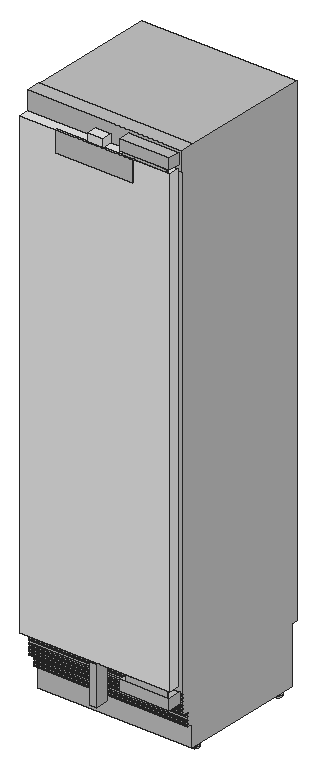
Revit family "FP_Revit_18_RS2484FRJK1_Freezer_90001058A", category Specialty Equipment, Revit 2018
Family settings
  Round Connector Dimension = Use Diameter
  Part Type = Normal
  OmniClass Number = 23.40.40.11.11
  OmniClass Title = Refrigerators and Freezers
  Work Plane-Based = No
  Always vertical = Yes
  Cut with Voids When Loaded = Yes
  Shared = No
  Room Calculation Point = No
Parameters (values of type "RS2484FRJ1")
  Visibility - Water Connection = yes
  Visibility - Visibility Control Note = yes
  Visibility - Clearance Required = yes
  URL = "www.fisherpaykel.com"
  Stainless Steel Door Panels (RD2484R4D) = no
  Product - Width = 603 mm  # constant formula
  Product - Height = 2134 mm  # constant formula
  Product - Depth (exl front panel) = 610 mm  # constant formula
  Model = "RS2484FRJ1"
  Material - Handle = Fisher & Paykel - Aluminium
  Material - Door Structure = Fisher & Paykel - White
  Material - Door Front = Fisher & Paykel - Stainless Steel
  Material - Body = Fisher & Paykel - Grey
  Manufacturer = "Fisher & Paykel Appliances"
  Handle Style - Professional Square (AHV2-RD84) = no
  Handle Style - Professional Round (AHC-RD84) = no
  Handle Style - Contemporary Square (AHD3-RD84) = no
  Handle Style - Contemporary Round (AHS-RD84) = no
  Description = "24\" Integrated Column Freezer with internal ice maker, white interior"
  Connector Description - Water = "1/4\" (6mm) comp. stainless steel braided hose"
  Connector Description - Electrical = "120 V, 10 amp fused electrical supply"
  Cavity - Width = 610 mm  # constant formula
  Cavity - Height = 2134 mm  # constant formula
  Cavity - Depth = 635 mm  # constant formula
Types (3, lengths in mm): name | Model | Description
  (no name) | "RS2484FRJ1" | "24\" Integrated Column Freezer with internal ice maker, white interior"
  RS2484FRJK1 | "RS2484FRJK1" | "24\" Integrated Column Freezer with internal ice maker, stainless steel interior"
  RS2484FRJ1 | "RS2484FRJ1" | "24\" Integrated Column Freezer with internal ice maker, white interior"
Reference planes
  plane 1 "Center (Front/Back)": y = 0
  plane 2: z = 0
  plane 3 "Center (Left/Right)": x = 0
  plane 4 "Product LHS": x = -301.5
  plane 5 "Product RHS": x = 301.5
  plane 6 "Product - Depth": y = 610
  plane 7 "Cavity LHS": x = -305
  plane 8 "Cavity RHS": x = 305
  plane 9 "Cavity - Depth": y = 612.9
  plane 10 "Handle Offset": x = -238.5
  plane 11 "Product Height": z = 2134
  plane 12 "Cavity Height": z = 2134
  plane 13 "Door Panel Datum": y = -4.1
Forms (mm)
  Extrusion 1, solid, material "Fisher & Paykel - Grey" <- "Material - Body", detail levels fine
    sketch origin (0, 0, 0) x (0, 1, 0) y (0, 0, 1)
      loop
        line (100.1, 19.1) -> (587.9, 19.1) -> (587.9, 239.7) -> (610, 239.7) -> (610, 2131.9) -> (105.1, 2131.9) -> (105.1, 2134) -> (49.9, 2134) -> (49.9, 2059) -> (56, 2059) -> (56, 228.6) -> (59.5, 228.6) -> (59.5, 219.7) -> (56.5, 219.7) -> (56.5, 215.9) -> (59.5, 215.9) -> (59.5, 207) -> (56.5, 207) -> (56.5, 203.2) -> (59.5, 203.2) -> (59.5, 194.3) -> (56.5, 194.3) -> (56.5, 190.5) -> (59.5, 190.5) -> (59.5, 181.6) -> (56.5, 181.6) -> (56.5, 177.8) -> (59.5, 177.8) -> (59.5, 168.9) -> (56.5, 168.9) -> (56.5, 165.1) -> (59.5, 165.1) -> (59.5, 156.2) -> (56.5, 156.2) -> (56.5, 152.4) -> (84.1, 152.4) -> (84.1, 143.5) -> (81.1, 143.5) -> (81.1, 139.7) -> (84.1, 139.7) -> (84.1, 130.8) -> (81.1, 130.8) -> (81.1, 127) -> (84.1, 127) -> (84.1, 118.1) -> (81.1, 118.1) -> (81.1, 114.3) -> (84.1, 114.3) -> (84.1, 105.4) -> (81.1, 105.4) -> (81.1, 101.6) -> (100.1, 101.6) -> (100.1, 19.1)
    from -301.5 to 301.5
  Extrusion 2, solid, material "Fisher & Paykel - Grey" <- "Material - Body"
    sketch origin (0, 0, 0) x (1, 0, 0) y (0, 1, 0)
      loop
        circle (-281, 547.8) r 4.1
      loop
        circle (-281, 141.8) r 4.1
      loop
        circle (281, 547.8) r 4.1
      loop
        circle (281, 141.8) r 4.1
    from 3 to 19.1
  Extrusion 3, solid, material "Fisher & Paykel - Grey" <- "Material - Body"
    sketch origin (0, 0, 0) x (1, 0, 0) y (0, 1, 0)
      loop
        circle (-281, 547.8) r 14.5
      loop
        circle (-281, 141.8) r 14.555
      loop
        circle (281, 547.8) r 14.5
      loop
        circle (281, 141.8) r 14.555
    from 0 to 3
  Extrusion 4, solid, material "Fisher & Paykel - Grey" <- "Material - Body", detail levels fine
    sketch origin (0, 0, 0) x (1, 0, 0) y (0, 1, 0)
      loop
        line (-7.5, 49) -> (-13.797, -4.1) -> (13.797, -4.1) -> (7.5, 49) -> (-7.5, 49)
    from 104.2 to 254.2
  Extrusion 5, solid, material "Fisher & Paykel - Grey" <- "Material - Body", detail levels fine
    sketch origin (0, 0, 0) x (1, 0, 0) y (0, 0, 1)
      loop
        line (289.9, 2123.15) -> (95.42, 2123.15) -> (95.42, 2081.05) -> (289.9, 2081.05) -> (289.9, 2123.15)
    from -49 to -2.5
  Extrusion 6, solid, material "Fisher & Paykel - Grey" <- "Material - Body", detail levels fine
    sketch origin (0, 0, 0) x (0, 1, 0) y (0, 0, 1)
      loop
        line (0, 2070.6) -> (0, 1988.6) -> (2, 1988.6) -> (2, 2068.6) -> (4, 2068.6) -> (4, 2070.6) -> (0, 2070.6)
    from -150 to 150
  Extrusion 7, solid, material "Fisher & Paykel - Grey" <- "Material - Body"
    sketch origin (0, 0, 0) x (1, 0, 0) y (0, 0, 1)
      loop
        circle (226.5, 119.813) r 5
      loop
        circle (-226.5, 119.813) r 5
    from -590 to -587.9
  Extrusion 8, solid, material "Fisher & Paykel - White" <- "Material - Door Structure"
    sketch origin (0, 0, 0) x (1, 0, 0) y (0, 1, 0)
      loop
        line (-276.5, 56) -> (-276.5, 42) -> (276.5, 42) -> (276.5, 56) -> (-276.5, 56)
    from 269.6 to 2030.7
  Extrusion 9, solid, material "Fisher & Paykel - White" <- "Material - Door Structure"
    sketch origin (0, 0, 0) x (1, 0, 0) y (0, 1, 0)
      loop
        line (-292.9, 42) -> (-292.9, 3) -> (292.9, 3) -> (292.9, 42) -> (-292.9, 42)
    from 254.2 to 2068.6
  Extrusion 10, solid, material "Fisher & Paykel - White" <- "Material - Door Structure", detail levels fine
    sketch origin (0, 0, 0) x (1, 0, 0) y (0, 0, 1)
      loop
        line (-29.5, 2100.1) -> (-29.5, 2068.6) -> (29.5, 2068.6) -> (29.5, 2100.1) -> (-29.5, 2100.1)
    from -42 to -3
  Extrusion 11, solid, material "Fisher & Paykel - Stainless Steel" <- "Material - Door Front", visible <- "Stainless Steel Door Panels (RD2484R4D)"
    sketch origin (0, 0, 0) x (0, 1, 0) y (0, 0, 1)
      loop
        line (-22.1, 2130.8) -> (-22.1, 102) -> (-4.1, 102) -> (-4.1, 2130.8) -> (-22.1, 2130.8)
    from -301.5 to 301.5
  Extrusion 12, solid, material "Fisher & Paykel - Grey" <- "Material - Body", detail levels coarse+medium
    sketch origin (0, 0, 0) x (0, 1, 0) y (0, 0, 1)
      loop
        line (49.9, 2134) -> (49.9, 2059) -> (56, 2059) -> (56, 152.4) -> (81.1, 152.4) -> (81.1, 101.6) -> (100.1, 101.6) -> (100.1, 19.1) -> (587.9, 19.1) -> (587.9, 239.7) -> (610, 239.7) -> (610, 2134) -> (49.9, 2134)
    from -301.5 to 301.5
  Extrusion 13, solid, material "Fisher & Paykel - Clearance Required", visible <- "Visibility - Clearance Required", detail levels coarse
    sketch origin (0, 0, 0) x (1, 0, 0) y (0, 1, 0)
      loop
        arc (-301.5, -22.1) -> (-13.376, -547.171) -> (584.28, -586.183) r 622.5
        line (584.28, -586.183) -> (565.051, -544.946) -> (589.549, -533.523)
        arc (589.549, -533.523) -> (598.013, -510.267) -> (574.757, -501.802) r 17.5
        line (574.757, -501.802) -> (550.259, -513.225) -> (329.441, -39.678)
        arc (329.441, -39.678) -> (310.616, -38.605) -> (301.5, -22.1) r 19.5
        line (301.5, -22.1) -> (-301.5, -22.1)
    from 0 to 2134
  Extrusion 14, solid, material "Fisher & Paykel - Grey" <- "Material - Body", detail levels fine
    sketch origin (0, 0, 0) x (1, 0, 0) y (0, 0, 1)
      loop
        line (289.9, 187.65) -> (289.9, 229.75) -> (95.42, 229.75) -> (95.42, 187.65) -> (289.9, 187.65)
    from -56 to -2.5
  Extrusion 15, solid, material "Fisher & Paykel - Grey" <- "Material - Body", detail levels fine
    sketch origin (0, 0, -4) x (0, 1, 0) y (0, 0, 1)
      loop
        arc (163.888, 23.1) -> (180.4, 13.63) -> (196.912, 23.1) r 19.13
        line (196.912, 23.1) -> (163.888, 23.1)
      loop
        arc (493.888, 23.1) -> (510.4, 13.63) -> (526.912, 23.1) r 19.13
        line (526.912, 23.1) -> (493.888, 23.1)
    from 191 to 219
  Extrusion 16, solid, material "Fisher & Paykel - Grey" <- "Material - Body", detail levels fine
    sketch origin (0, 0, -4) x (0, 1, 0) y (0, 0, -1)
      loop
        line (163.888, -23.1) -> (196.912, -23.1)
        arc (196.912, -23.1) -> (180.4, -13.63) -> (163.888, -23.1) r 19.13
      loop
        line (493.888, -23.1) -> (526.912, -23.1)
        arc (526.912, -23.1) -> (510.4, -13.63) -> (493.888, -23.1) r 19.13
    from 191 to 219
  Extrusion 17, solid, material "Fisher & Paykel - Clearance Required", visible <- "Visibility - Clearance Required", detail levels coarse
    sketch origin (0, 0, 0) x (1, 0, 0) y (0, 1, 0)
      loop
        line (-305, 612.9) -> (-305, -4.1) -> (305, -4.1) -> (305, 612.9) -> (-305, 612.9)
    from 0 to 2134
  Extrusion 18, void
    sketch origin (0, 0, 0) x (1, 0, 0) y (0, 1, 0)
      loop
        line (-305, 612.9) -> (-305, -22.1) -> (305, -22.1) -> (305, 612.9) -> (-305, 612.9)
    from 0 to 2134
  Extrusion 19, solid, material "Fisher & Paykel - Grey" <- "Material - Body", detail levels fine
    sketch origin (0, 0, 0) x (1, 0, 0) y (0, 0, 1)
      loop
        line (118.4, 254.2) -> (118.4, 229.75) -> (282.9, 229.75) -> (282.9, 254.2) -> (118.4, 254.2)
      loop
        line (106, 2081.05) -> (106, 2068.6) -> (282.9, 2068.6) -> (282.9, 2076.05) -> (242.9, 2081.05) -> (106, 2081.05)
    from -7 to -4
Lines and regions (mm)
  model lines, style "Fisher & Paykel"
    curve 1: line (-301.5, -4.1, 2130.8) -> (301.5, -4.1, 2130.8)
    curve 2: line (-301.5, -4.1, 102) -> (-301.5, -4.1, 2130.8)
    curve 3: line (301.5, -4.1, 102) -> (-301.5, -4.1, 102)
    curve 4: line (301.5, -4.1, 2130.8) -> (301.5, -4.1, 102)
Text (mm)
  text "Due to ongoing product development, product details are subject to change without notice. \nPlease always refer to www.fisherpaykel.com for the most current product information. \n© Fisher & Paykel 2020" at (41.04, -678.295, 0), in view "Ref. Level (Plan)"
Dimensions and locks
  equal spacing: plane 4 "Product LHS", plane 3 "Center (Left/Right)", plane 5 "Product RHS"
  "Product - Width": plane 4 "Product LHS" to plane 5 "Product RHS"
  "Product - Depth (exl front panel)": plane 1 "Center (Front/Back)" to plane 6 "Product - Depth"
  equal spacing: plane 7 "Cavity LHS", plane 3 "Center (Left/Right)", plane 8 "Cavity RHS"
  "Cavity - Width": plane 7 "Cavity LHS" to plane 8 "Cavity RHS"
  plane 4 "Product LHS" to Extrusion 2 sketch curve = 24.6 mm
  plane 4 "Product LHS" to plane 10 "Handle Offset" = 63 mm
  Extrusion 7 sketch curve to Extrusion 1 = 119.887 mm  (x2)
  Extrusion 7 sketch curve to plane 5 "Product RHS" = 75 mm
  plane 4 "Product LHS" to Extrusion 7 sketch curve = 75 mm
  Extrusion 1 sketch curve to Extrusion 1 sketch curve = 82.5 mm
  Extrusion 1 sketch curve to Extrusion 1 sketch curve = 209.5 mm
  Extrusion 3 to level = 3 mm
  Extrusion 12 to Extrusion 9 = 235.1 mm
  Extrusion 12 to Extrusion 8 = 250.5 mm
  Extrusion 12 to Extrusion 12 = 2114.9 mm
  Extrusion 12 to Extrusion 11 = 82.9 mm
  "Product - Height": level to plane 11 "Product Height"
  plane 11 "Product Height" to Extrusion 11 = 3.2 mm
  Extrusion 9 to plane 11 "Product Height" = 65.4 mm
  Extrusion 8 to plane 11 "Product Height" = 103.3 mm
  Extrusion 12 sketch curve to plane 11 "Product Height" = 75 mm
  Extrusion 1 sketch curve to plane 11 "Product Height" = 2.1 mm
  Extrusion 1 sketch curve to plane 11 "Product Height" = 75 mm
  "Cavity - Height": plane 12 "Cavity Height" to level
  plane 1 "Center (Front/Back)" to Extrusion 17 = 612.9 mm
  plane 1 "Center (Front/Back)" to Extrusion 18 = 612.9 mm
  Extrusion 19 sketch curve to Extrusion 19 sketch curve = 40 mm
  Extrusion 19 sketch curve to plane 3 "Center (Left/Right)" = 106 mm
  Extrusion 19 sketch curve to Extrusion 19 sketch curve = 176.9 mm
  Extrusion 19 sketch curve to plane 3 "Center (Left/Right)" = 118.4 mm
  plane 3 "Center (Left/Right)" to Extrusion 19 sketch curve = 282.9 mm
  Extrusion 18 to plane 1 "Center (Front/Back)" = 22.1 mm
  "Cavity - Depth": plane 9 "Cavity - Depth" to Extrusion 18
  radius of Extrusion 7 sketch curve = 5 mm
  aligned and locked: level to plane 2
  aligned and locked: Extrusion 11 to plane 5 "Product RHS"
  aligned and locked: plane 4 "Product LHS" to Extrusion 11
  aligned and locked: Extrusion 12 to plane 5 "Product RHS"
  aligned and locked: Extrusion 12 to plane 4 "Product LHS"
  aligned and locked: Extrusion 12 sketch curve to plane 11 "Product Height"
  aligned and locked: plane 11 "Product Height" to Extrusion 1 sketch curve
  aligned and locked: Extrusion 15 sketch curve to Extrusion 15 sketch curve
  aligned and locked: Extrusion 16 sketch curve to Extrusion 16 sketch curve
  aligned and locked: Extrusion 17 to Extrusion 13
  aligned and locked: Extrusion 18 to Extrusion 13
  aligned and locked: Extrusion 1 to plane 5 "Product RHS"
  aligned and locked: plane 4 "Product LHS" to Extrusion 1
  aligned and locked: Extrusion 2 to Extrusion 1
  aligned and locked: nested 5 to plane 10 "Handle Offset"
  aligned and locked: nested 4 to plane 10 "Handle Offset"
  aligned and locked: nested 3 to plane 10 "Handle Offset"
  aligned and locked: nested 2 to plane 10 "Handle Offset"
Automatic sketch dimensions
  Extrusion 2 sketch curve to plane 4 "Product LHS" = 20.5 mm  (x2)
  plane 5 "Product RHS" to Extrusion 2 sketch curve = 20.5 mm  (x2)
  Extrusion 2 sketch curve to plane 1 "Center (Front/Back)" = 141.8 mm  (x2)
  Extrusion 2 sketch curve to plane 6 "Product - Depth" = 62.2 mm  (x2)
  Extrusion 3 sketch curve to plane 4 "Product LHS" = 20.5 mm  (x2)
  plane 5 "Product RHS" to Extrusion 3 sketch curve = 20.5 mm  (x2)
  Extrusion 3 sketch curve to plane 1 "Center (Front/Back)" = 141.8 mm  (x2)
  Extrusion 3 sketch curve to plane 6 "Product - Depth" = 62.2 mm  (x2)
  plane 1 "Center (Front/Back)" to Extrusion 4 sketch curve = 4.1 mm
  Extrusion 4 sketch curve to plane 3 "Center (Left/Right)" = 13.797 mm
  Extrusion 4 sketch curve to plane 3 "Center (Left/Right)" = 7.5 mm
  plane 3 "Center (Left/Right)" to Extrusion 4 sketch curve = 7.5 mm
  plane 3 "Center (Left/Right)" to Extrusion 4 sketch curve = 13.797 mm
  Extrusion 4 sketch curve to plane 1 "Center (Front/Back)" = 49 mm
  plane 11 "Product Height" to Extrusion 5 sketch curve = 10.85 mm
  plane 3 "Center (Left/Right)" to Extrusion 5 sketch curve = 95.42 mm
  plane 5 "Product RHS" to Extrusion 5 sketch curve = 11.6 mm
  Extrusion 5 sketch curve to Extrusion 5 sketch curve = 42.1 mm
  Extrusion 6 sketch curve to plane 1 "Center (Front/Back)" = 0 mm
  Extrusion 6 sketch curve to plane 1 "Center (Front/Back)" = 2 mm
  Extrusion 6 sketch curve to Extrusion 6 sketch curve = 2 mm  (x2)
  plane 11 "Product Height" to Extrusion 6 sketch curve = 145.4 mm
  plane 11 "Product Height" to Extrusion 6 sketch curve = 65.4 mm
  Extrusion 8 sketch curve to plane 4 "Product LHS" = 25 mm
  plane 5 "Product RHS" to Extrusion 8 sketch curve = 25 mm
  Extrusion 8 sketch curve to plane 1 "Center (Front/Back)" = 42 mm
  Extrusion 8 sketch curve to Extrusion 8 sketch curve = 14 mm
  Extrusion 9 sketch curve to plane 1 "Center (Front/Back)" = 3 mm
  Extrusion 9 sketch curve to plane 4 "Product LHS" = 8.6 mm
  plane 5 "Product RHS" to Extrusion 9 sketch curve = 8.6 mm
  Extrusion 9 sketch curve to Extrusion 9 sketch curve = 39 mm
  Extrusion 10 sketch curve to plane 3 "Center (Left/Right)" = 29.5 mm
  plane 3 "Center (Left/Right)" to Extrusion 10 sketch curve = 29.5 mm
  plane 11 "Product Height" to Extrusion 10 sketch curve = 65.4 mm
  Extrusion 10 sketch curve to Extrusion 10 sketch curve = 31.5 mm
  plane 1 "Center (Front/Back)" to Extrusion 11 sketch curve = 22.1 mm
  plane 1 "Center (Front/Back)" to Extrusion 11 sketch curve = 4.1 mm
  level to Extrusion 11 sketch curve = 102 mm
  plane 11 "Product Height" to Extrusion 11 sketch curve = 3.2 mm
  Extrusion 13 sketch curve to Extrusion 13 sketch curve = 0 mm  (x2)
  Extrusion 13 sketch curve to plane 4 "Product LHS" = 0 mm
  Extrusion 13 sketch curve to plane 5 "Product RHS" = 0 mm
  Extrusion 13 sketch curve to plane 8 "Cavity RHS" = 16 mm
  Extrusion 13 sketch curve to Extrusion 13 sketch curve = 8.441 mm
  Extrusion 13 sketch curve to plane 8 "Cavity RHS" = 245.259 mm
  Extrusion 13 sketch curve to Extrusion 13 sketch curve = 14.792 mm
  Extrusion 13 sketch curve to Extrusion 13 sketch curve = 24.498 mm
  Extrusion 13 sketch curve to Extrusion 13 sketch curve = 7.396 mm  (x2)
  Extrusion 13 sketch curve to Extrusion 13 sketch curve = 19.229 mm
  plane 1 "Center (Front/Back)" to Extrusion 13 sketch curve = 586.183 mm
  Extrusion 13 sketch curve to Extrusion 13 sketch curve = 41.237 mm
  Extrusion 13 sketch curve to Extrusion 13 sketch curve = 15.86 mm
  plane 3 "Center (Left/Right)" to Extrusion 14 sketch curve = 95.42 mm
  plane 5 "Product RHS" to Extrusion 14 sketch curve = 11.6 mm
  level to Extrusion 14 sketch curve = 187.65 mm
  Extrusion 14 sketch curve to Extrusion 14 sketch curve = 42.1 mm
  Extrusion 15 sketch curve to plane 1 "Center (Front/Back)" = 163.888 mm
  Extrusion 15 sketch curve to Extrusion 15 sketch curve = 16.512 mm  (x2)
  Extrusion 15 sketch curve to plane 6 "Product - Depth" = 116.112 mm
  Extrusion 15 sketch curve to Extrusion 15 sketch curve = 9.66 mm  (x2)
  Extrusion 16 sketch curve to plane 1 "Center (Front/Back)" = 163.888 mm
  Extrusion 16 sketch curve to Extrusion 16 sketch curve = 16.512 mm  (x2)
  Extrusion 16 sketch curve to plane 6 "Product - Depth" = 116.112 mm
  Extrusion 16 sketch curve to Extrusion 16 sketch curve = 9.66 mm  (x2)
  Extrusion 17 sketch curve to plane 7 "Cavity LHS" = 0 mm
  Extrusion 17 sketch curve to plane 8 "Cavity RHS" = 0 mm
  Extrusion 17 sketch curve to plane 9 "Cavity - Depth" = 0 mm
  plane 1 "Center (Front/Back)" to Extrusion 17 sketch curve = 4.1 mm
  Extrusion 18 sketch curve to plane 7 "Cavity LHS" = 0 mm
  Extrusion 18 sketch curve to plane 8 "Cavity RHS" = 0 mm
  plane 9 "Cavity - Depth" to Extrusion 18 sketch curve = 0 mm
  plane 1 "Center (Front/Back)" to Extrusion 18 sketch curve = 22.1 mm
  level to Extrusion 19 sketch curve = 229.75 mm
  Extrusion 19 sketch curve to Extrusion 19 sketch curve = 24.45 mm
  plane 11 "Product Height" to Extrusion 19 sketch curve = 65.4 mm
  Extrusion 19 sketch curve to Extrusion 19 sketch curve = 7.45 mm
  Extrusion 19 sketch curve to Extrusion 19 sketch curve = 5 mm
  Extrusion 12 sketch curve to plane 6 "Product - Depth" = 0 mm
  Extrusion 12 sketch curve to plane 6 "Product - Depth" = 22.1 mm
  Extrusion 12 sketch curve to plane 1 "Center (Front/Back)" = 100.1 mm
  Extrusion 12 sketch curve to Extrusion 12 sketch curve = 19 mm
  Extrusion 12 sketch curve to plane 1 "Center (Front/Back)" = 56 mm
  Extrusion 12 sketch curve to plane 1 "Center (Front/Back)" = 49.9 mm
  level to Extrusion 12 sketch curve = 152.4 mm
  Extrusion 12 sketch curve to Extrusion 12 sketch curve = 50.8 mm
  level to Extrusion 12 sketch curve = 19.1 mm
  Extrusion 12 sketch curve to Extrusion 12 sketch curve = 220.6 mm
  level to Extrusion 15 sketch curve = 19.1 mm
  level to Extrusion 16 sketch curve = 28.76 mm
  Extrusion 1 sketch curve to plane 6 "Product - Depth" = 0 mm
  Extrusion 1 sketch curve to Extrusion 1 sketch curve = 22.1 mm
  Extrusion 1 sketch curve to plane 1 "Center (Front/Back)" = 105.1 mm
  level to Extrusion 1 sketch curve = 19.1 mm
  Extrusion 1 sketch curve to plane 1 "Center (Front/Back)" = 100.1 mm
  Extrusion 1 sketch curve to Extrusion 1 sketch curve = 16 mm
  Extrusion 1 sketch curve to Extrusion 1 sketch curve = 0 mm  (x8)
  Extrusion 1 sketch curve to Extrusion 1 sketch curve = 3 mm  (x10)
  Extrusion 1 sketch curve to plane 1 "Center (Front/Back)" = 59.5 mm
  Extrusion 1 sketch curve to plane 1 "Center (Front/Back)" = 56 mm
  Extrusion 1 sketch curve to plane 1 "Center (Front/Back)" = 49.9 mm
  Extrusion 1 sketch curve to Extrusion 1 sketch curve = 3.8 mm  (x10)
  Extrusion 1 sketch curve to Extrusion 1 sketch curve = 8.9 mm  (x9)
  Extrusion 1 sketch curve to Extrusion 1 sketch curve = 220.6 mm
  plane 5 "Product RHS" to curve 1 = 0 mm
  plane 4 "Product LHS" to curve 3 = 0 mm
  level to curve 3 = 102 mm
  plane 11 "Product Height" to curve 2 = 3.2 mm
  radius of Extrusion 2 sketch curve = 4.1 mm  (x3)
  radius of Extrusion 3 sketch curve = 14.5 mm  (x2)
  radius of Extrusion 3 sketch curve = 14.555 mm  (x2)
  radius of Extrusion 7 sketch curve = 5 mm
Nested families
  nested 1: "Visibility Control Note 18" at (0, 0, 0), visible <- "Visibility - Visibility Control Note", type "Visibility Control Note 18"
  nested 2: "Handle Contemporary Round - Vertical" at (-238.5, -22.1, 1242.58), visible <- "Handle Style - Contemporary Round (AHS-RD84)", type "AHS-RD84 - Contemporary round handle (Vertical) 852mm"
  nested 3: "Handle Contemporary Square - Vertical" at (-238.5, -22.1, 1242.58), visible <- "Handle Style - Contemporary Square (AHD3-RD84)", type "AHD3-RD84 - Contemporary square handle (Vertical) 852mm"
  nested 4: "Handle Professional Round - Vertical" at (-238.5, -22.1, 1242.58), visible <- "Handle Style - Professional Round (AHC-RD84)", type "AHC-RD84 - Professional round handle (Vertical) 786mm"
  nested 5: "Handle Professional Square - Vertical" at (-238.5, -22.1, 1242.58), visible <- "Handle Style - Professional Square (AHV2-RD84)", type "AHV2-RD84 - Professional square handle (Vertical) 792mm"
Connectors
  electrical at (-226.5, 590, 119.813), driven by "Connector Description - Electrical"
    settings: on Extrusion 7, index 1, voltage 120 V, apparent load 0 VA, apparent load phase1 0 VA, apparent load phase2 0 VA, apparent load phase3 0 VA, power factor 1, load classification "Other", number of poles 1, system type 30, power factor state 1, is connector primary yes, connector utility no, sub classification motor no, connector description "120 V, 10 amp fused electrical supply"
  piping at (226.5, 590, 119.813), diameter 12.7, driven by "Visibility - Water Connection", driven by "Connector Description - Water"
    settings: on Extrusion 7, index 2, connector inside diameter 609.6 mm, connector length 0 mm, flow factor 0, pipe flow 0.0 L/s, pressure drop 0.0 Pa, fitting loss kfactor 0, connector angle 0.00°, fixture units 0, engagement length 0 mm, angle of deflection 0.00°, flow configuration 0, flow direction 1, fitting loss method 0, system type 20, joint type 0, gender type 0, connector reference index -1, connector utility 1, adjustable connector no, is connector primary yes, connector description "1/4\" (6mm) comp. stainless steel braided hose"
Definition of nested family "Handle Contemporary Round - Vertical"
  Parameters (values of type "AHSRS80A - Contemporary round handle (1 of 2) (Vertical) 727mm")
    URL = "www.fisherpaykel.com"
    Material - Handle = none
    Manufacturer = "Fisher & Paykel Appliances"
    Handle - Length = 727 mm
  Types (6, lengths in mm): name | Handle - Length
    AHS-RD21 - Contemporary round handle (Vertical) 852mm | 852
    AHSRD2484W - Contemporary round handle (1 of 2) (Vertical) 727mm | 727
    AHSRD3084W - Contemporary round handle (1 of 2) (Vertical) 727mm | 727
    AHS-RD84 - Contemporary round handle (Vertical) 852mm | 852
    AHSRS3272A - Contemporary round handle (1 of 2) (Vertical) 727mm | 727
    AHSRS80A - Contemporary round handle (1 of 2) (Vertical) 727mm | 727
  Reference planes
    plane 1 "Center (Front/Back)": y = 0
    plane 2: z = 0
    plane 3 "Center (Left/Right)": x = 0
    plane 4 "Top": z = 363.5
    plane 5 "Bottom": z = -363.5
    plane 6 "Top Standoff": z = 243.5
    plane 7 "Bottom Standoff": z = -243.5
  Forms (mm)
    Extrusion 1, solid, material <- "Material - Handle"
      sketch origin (0, 0, 0) x (1, 0, 0) y (0, 1, 0)
        loop
          circle (0, -32.3) r 8.7
      from -243.5 to 243.5
    Extrusion 2, solid, material <- "Material - Handle", detail levels fine
      sketch origin (0, 0, 0) x (1, 0, 0) y (0, 1, 0)
        loop
          line (-8.7, 0) -> (-8.7, -32.3)
          arc (-8.7, -32.3) -> (0, -41) -> (8.7, -32.3) r 8.7
          line (8.7, -32.3) -> (8.7, 0) -> (-8.7, 0)
      from 243.5 to 363.5
    Extrusion 3, solid, material <- "Material - Handle", detail levels fine
      sketch origin (0, 0, 0) x (1, 0, 0) y (0, 1, 0)
        loop
          line (-8.7, 0) -> (-8.7, -32.3)
          arc (-8.7, -32.3) -> (0, -41) -> (8.7, -32.3) r 8.7
          line (8.7, -32.3) -> (8.7, 0) -> (-8.7, 0)
      from -363.5 to -243.5
    Sweep 4, void
      path in 3D
        loop
          line (8.7, 0, -363.5) -> (8.7, -32.3, -363.5)
          arc (8.7, -32.3, -363.5) -> (0, -41, -363.5) -> (-8.7, -32.3, -363.5) r 8.7
          line (-8.7, -32.3, -363.5) -> (-8.7, 0, -363.5)
      profile origin (8.7, -16.15, -363.5) x (-1, 0, 0) y (0, 0, -1)
        loop
          line (0, 0) -> (0, -1) -> (1, 0) -> (0, 0)
    Sweep 5, void
      path in 3D
        loop
          line (-8.7, 0, 363.5) -> (-8.7, -32.3, 363.5)
          arc (-8.7, -32.3, 363.5) -> (0, -41, 363.5) -> (8.7, -32.3, 363.5) r 8.7
          line (8.7, -32.3, 363.5) -> (8.7, 0, 363.5)
      profile origin (8.7, -16.15, 363.5) x (-1, 0, 0) y (0, 0, 1)
        loop
          line (0, 0) -> (0, -1) -> (1, 0) -> (0, 0)
    Extrusion 6, solid, material <- "Material - Handle", detail levels coarse+medium
      sketch origin (0, 0, 0) x (1, 0, 0) y (0, 1, 0)
        loop
          line (-8.7, 0) -> (-8.7, -32.3)
          arc (-8.7, -32.3) -> (0, -41) -> (8.7, -32.3) r 8.7
          line (8.7, -32.3) -> (8.7, 0) -> (-8.7, 0)
      from 243.5 to 363.5
    Extrusion 7, solid, material <- "Material - Handle", detail levels coarse+medium
      sketch origin (0, 0, 0) x (1, 0, 0) y (0, 1, 0)
        loop
          line (-8.7, 0) -> (-8.7, -32.3)
          arc (-8.7, -32.3) -> (0, -41) -> (8.7, -32.3) r 8.7
          line (8.7, -32.3) -> (8.7, 0) -> (-8.7, 0)
      from -363.5 to -243.5
  Cuts and joins
    Sweep 4 cuts Extrusion 3
    Sweep 5 cuts Extrusion 2
  Lines and regions (mm)
    sketch lines
      curve 1: line (8.7, 0, -363.5) -> (8.7, -32.3, -363.5)
      curve 2: arc (-8.7, -32.3, -363.5) -> (0, -41, -363.5) -> (8.7, -32.3, -363.5) r 8.7
      curve 3: line (-8.7, -32.3, -363.5) -> (-8.7, 0, -363.5)
      curve 4: line (8.7, -32.3, 363.5) -> (8.7, 0, 363.5)
      curve 5: arc (8.7, -32.3, 363.5) -> (0, -41, 363.5) -> (-8.7, -32.3, 363.5) r 8.7
      curve 6: line (-8.7, 0, 363.5) -> (-8.7, -32.3, 363.5)
  Dimensions and locks
    equal spacing: plane 4 "Top", level, plane 5 "Bottom"
    "Handle - Length": plane 4 "Top" to plane 5 "Bottom"
    locked: plane 4 "Top" to plane 6 "Top Standoff" at 120
    locked: plane 7 "Bottom Standoff" to plane 5 "Bottom" at 120
    Extrusion 2 sketch curve to Extrusion 2 sketch curve = 17.4 mm
    Extrusion 3 sketch curve to Extrusion 3 sketch curve = 17.4 mm
    Extrusion 6 sketch curve to Extrusion 6 sketch curve = 17.4 mm
    Extrusion 7 sketch curve to Extrusion 7 sketch curve = 17.4 mm
    aligned and locked: level to plane 2
    aligned and locked: plane 4 "Top" to Extrusion 2
    aligned and locked: Extrusion 3 to plane 5 "Bottom"
    aligned and locked: plane 7 "Bottom Standoff" to Extrusion 3
    aligned and locked: Extrusion 1 to plane 7 "Bottom Standoff"
    aligned and locked: plane 6 "Top Standoff" to Extrusion 1
    aligned and locked: Extrusion 2 to Extrusion 1
    aligned and locked: Extrusion 6 to Extrusion 1
    aligned and locked: plane 4 "Top" to Extrusion 6
    aligned and locked: Extrusion 7 to Extrusion 1
    aligned and locked: Extrusion 7 to plane 5 "Bottom"
  Automatic sketch dimensions
    Extrusion 1 sketch curve to plane 3 "Center (Left/Right)" = 0 mm
    plane 1 "Center (Front/Back)" to Extrusion 1 sketch curve = 32.3 mm
    plane 1 "Center (Front/Back)" to Extrusion 2 sketch curve = 0 mm
    Extrusion 2 sketch curve to plane 3 "Center (Left/Right)" = 0 mm
    Extrusion 2 sketch curve to plane 3 "Center (Left/Right)" = 8.7 mm
    plane 1 "Center (Front/Back)" to Extrusion 2 sketch curve = 32.3 mm
    plane 1 "Center (Front/Back)" to Extrusion 3 sketch curve = 0 mm
    Extrusion 3 sketch curve to plane 3 "Center (Left/Right)" = 0 mm
    Extrusion 3 sketch curve to plane 3 "Center (Left/Right)" = 8.7 mm
    plane 1 "Center (Front/Back)" to Extrusion 3 sketch curve = 32.3 mm
    Sweep 4 sketch curve to profile plane = 0 mm  (x2)
    Sweep 4 sketch curve to profile plane = 1 mm  (x2)
    Sweep 5 sketch curve to profile plane = 0 mm  (x2)
    Sweep 5 sketch curve to profile plane = 1 mm  (x2)
    Extrusion 6 sketch curve to plane 3 "Center (Left/Right)" = 0 mm
    Extrusion 6 sketch curve to plane 3 "Center (Left/Right)" = 8.7 mm
    plane 1 "Center (Front/Back)" to Extrusion 6 sketch curve = 32.3 mm
    Extrusion 6 sketch curve to Extrusion 6 sketch curve = 32.3 mm
    Extrusion 7 sketch curve to plane 3 "Center (Left/Right)" = 0 mm
    Extrusion 7 sketch curve to plane 3 "Center (Left/Right)" = 8.7 mm
    plane 1 "Center (Front/Back)" to Extrusion 7 sketch curve = 32.3 mm
    Extrusion 7 sketch curve to Extrusion 7 sketch curve = 32.3 mm
    radius of Extrusion 1 sketch curve = 8.7 mm
Definition of nested family "Handle Contemporary Square - Vertical"
  Parameters (values of type "AHD3RS80A - Contemporary square handle (1 of 2) (Vertical) 727mm")
    URL = "www.fisherpaykel.com"
    Material - Handle = none
    Manufacturer = "Fisher & Paykel Appliances"
    Handle - Length = 727 mm
  Types (7, lengths in mm): name | Handle - Length
    (no name) | 727
    AHD3-RD21 - Contemporary square handle (Vertical) 852mm | 852
    AHD3RD2484W - Contemporary square handle (1 of 2) (Vertical) 727mm | 727
    AHD3RD3084W - Contemporary square handle (1 of 2) (Vertical) 727mm | 727
    AHD3-RD84 - Contemporary square handle (Vertical) 852mm | 852
    AHD3RS3272A - Contemporary square handle (1 of 2) (Vertical) 727mm | 727
    AHD3RS80A - Contemporary square handle (1 of 2) (Vertical) 727mm | 727
  Reference planes
    plane 1 "Center (Front/Back)": y = 0
    plane 2: z = 0
    plane 3 "Center (Left/Right)": x = 0
    plane 4 "Top": z = 363.5
    plane 5 "Bottom": z = -363.5
    plane 6 "Top Standoff": z = 243.5
    plane 7 "Bottom Standoff": z = -243.5
  Forms (mm)
    Extrusion 1, solid, material <- "Material - Handle", detail levels fine
      sketch origin (0, 0, 0) x (1, 0, 0) y (0, 1, 0)
        loop
          arc (-7.583, -28.701) -> (-7.89, -29.057) -> (-8, -29.514) r 1
          line (-8, -29.514) -> (-8, -40.5)
          arc (-8, -40.5) -> (-7.561, -41.561) -> (-6.5, -42) r 1.5
          line (-6.5, -42) -> (6.5, -42)
          arc (6.5, -42) -> (7.561, -41.561) -> (8, -40.5) r 1.5
          line (8, -40.5) -> (8, -29.487)
          arc (8, -29.487) -> (7.889, -29.029) -> (7.58, -28.673) r 1
          arc (7.58, -28.673) -> (-0.006, -26.256) -> (-7.583, -28.701) r 13.038
      from -363.5 to 363.5
    Extrusion 2, solid, material <- "Material - Handle", detail levels fine
      sketch origin (0, 0, 0) x (1, 0, 0) y (0, 1, 0)
        loop
          arc (7.058, -28.23) -> (7.466, -28.244) -> (7.674, -27.893) r 0.4
          line (7.674, -27.893) -> (7.674, 0) -> (-7.674, 0) -> (-7.674, -27.86)
          arc (-7.674, -27.86) -> (-7.467, -28.21) -> (-7.06, -28.198) r 0.4
          arc (-7.06, -28.198) -> (0.004, -26.156) -> (7.058, -28.23) r 13.136
      from 243.5 to 363.5
    Extrusion 3, solid, material <- "Material - Handle", detail levels fine
      sketch origin (0, 0, 0) x (1, 0, 0) y (0, 1, 0)
        loop
          arc (7.058, -28.23) -> (7.466, -28.244) -> (7.674, -27.893) r 0.4
          line (7.674, -27.893) -> (7.674, 0) -> (-7.674, 0) -> (-7.674, -27.86)
          arc (-7.674, -27.86) -> (-7.467, -28.21) -> (-7.06, -28.198) r 0.4
          arc (-7.06, -28.198) -> (0.004, -26.156) -> (7.058, -28.23) r 13.136
      from -363.5 to -243.5
    Sweep 4, void
      path in 3D
        loop
          line (-8, -29.514, 363.5) -> (-8, -40.5, 363.5)
          arc (-8, -40.5, 363.5) -> (-7.561, -41.561, 363.5) -> (-6.5, -42, 363.5) r 1.5
          line (-6.5, -42, 363.5) -> (6.5, -42, 363.5)
          arc (6.5, -42, 363.5) -> (7.561, -41.561, 363.5) -> (8, -40.5, 363.5) r 1.5
          line (8, -40.5, 363.5) -> (8, -29.487, 363.5)
      profile origin (8, -34.994, 363.5) x (-1, 0, 0) y (0, 0, 1)
        loop
          line (0, 0) -> (0, -1.3) -> (1.3, 0) -> (0, 0)
    Sweep 5, void
      path in 3D
        loop
          line (8, -29.487, -363.5) -> (8, -40.5, -363.5)
          arc (8, -40.5, -363.5) -> (7.561, -41.561, -363.5) -> (6.5, -42, -363.5) r 1.5
          line (6.5, -42, -363.5) -> (-6.5, -42, -363.5)
          arc (-6.5, -42, -363.5) -> (-7.561, -41.561, -363.5) -> (-8, -40.5, -363.5) r 1.5
          line (-8, -40.5, -363.5) -> (-8, -29.514, -363.5)
      profile origin (8, -34.994, -363.5) x (-1, 0, 0) y (0, 0, -1)
        loop
          line (0, 0) -> (0, -1.3) -> (1.3, 0) -> (0, 0)
    Extrusion 6, void
      sketch origin (0, 0, 0) x (1, 0, 0) y (0, 0, 1)
        loop
          line (-8, -362.2) -> (-8, -363.5) -> (-6.7, -363.5) -> (-8, -362.2)
        loop
          line (8, -362.2) -> (6.7, -363.5) -> (8, -363.5) -> (8, -362.2)
      from 0 to 40
    Extrusion 7, void
      sketch origin (0, 0, 0) x (1, 0, 0) y (0, 0, 1)
        loop
          line (-8, 363.5) -> (-8, 362.2) -> (-6.7, 363.5) -> (-8, 363.5)
        loop
          line (8, 363.5) -> (6.7, 363.5) -> (8, 362.2) -> (8, 363.5)
      from 0 to 40
    Extrusion 8, solid, material <- "Material - Handle", detail levels coarse+medium
      sketch origin (0, 0, 0) x (0, 1, 0) y (0, 0, 1)
        loop
          line (0, 363.5) -> (-42, 363.5) -> (-42, -363.5) -> (0, -363.5) -> (0, -243.5) -> (-26.245, -243.5) -> (-26.245, 243.5) -> (0, 243.5) -> (0, 363.5)
      from -8 to 8
  Cuts and joins
    Sweep 4, Sweep 5, Extrusion 6, Extrusion 7 cuts Extrusion 1
    Extrusion 6 cuts Extrusion 3
    Extrusion 7 cuts Extrusion 2
  Lines and regions (mm)
    sketch lines
      curve 1: line (8, -40.5, 363.5) -> (8, -29.487, 363.5)
      curve 2: arc (8, -40.5, 363.5) -> (7.561, -41.561, 363.5) -> (6.5, -42, 363.5) r 1.5
      curve 3: line (-6.5, -42, 363.5) -> (6.5, -42, 363.5)
      curve 4: arc (-6.5, -42, 363.5) -> (-7.561, -41.561, 363.5) -> (-8, -40.5, 363.5) r 1.5
      curve 5: line (-8, -29.514, 363.5) -> (-8, -40.5, 363.5)
      curve 6: line (8, -29.487, -363.5) -> (8, -40.5, -363.5)
      curve 7: arc (6.5, -42, -363.5) -> (7.561, -41.561, -363.5) -> (8, -40.5, -363.5) r 1.5
      curve 8: line (6.5, -42, -363.5) -> (-6.5, -42, -363.5)
      curve 9: arc (-8, -40.5, -363.5) -> (-7.561, -41.561, -363.5) -> (-6.5, -42, -363.5) r 1.5
      curve 10: line (-8, -40.5, -363.5) -> (-8, -29.514, -363.5)
  Dimensions and locks
    equal spacing: plane 4 "Top", level, plane 5 "Bottom"
    "Handle - Length": plane 4 "Top" to plane 5 "Bottom"
    locked: plane 4 "Top" to plane 6 "Top Standoff" at 120
    locked: plane 7 "Bottom Standoff" to plane 5 "Bottom" at 120
    aligned and locked: level to plane 2
    aligned and locked: plane 4 "Top" to Extrusion 2
    aligned and locked: Extrusion 2 to plane 6 "Top Standoff"
    aligned and locked: plane 4 "Top" to Extrusion 1
    aligned and locked: Extrusion 1 to plane 5 "Bottom"
    aligned and locked: Extrusion 3 to plane 5 "Bottom"
    aligned and locked: plane 7 "Bottom Standoff" to Extrusion 3
    aligned and locked: plane 4 "Top" to Extrusion 8 sketch curve
    aligned and locked: plane 6 "Top Standoff" to Extrusion 8 sketch curve
    aligned and locked: plane 7 "Bottom Standoff" to Extrusion 8 sketch curve
    aligned and locked: plane 5 "Bottom" to Extrusion 8 sketch curve
    aligned and locked: plane 1 "Center (Front/Back)" to Extrusion 8 sketch curve  (x2)
  Automatic sketch dimensions
    Extrusion 1 sketch curve to plane 3 "Center (Left/Right)" = 8 mm
    Extrusion 1 sketch curve to Extrusion 1 sketch curve = 1 mm  (x2)
    Extrusion 1 sketch curve to Extrusion 1 sketch curve = 1.5 mm
    plane 3 "Center (Left/Right)" to Extrusion 1 sketch curve = 0.018 mm
    plane 3 "Center (Left/Right)" to Extrusion 1 sketch curve = 6.5 mm
    plane 3 "Center (Left/Right)" to Extrusion 1 sketch curve = 7 mm
    plane 1 "Center (Front/Back)" to Extrusion 1 sketch curve = 42 mm
    Extrusion 1 sketch curve to Extrusion 1 sketch curve = 1.206 mm
    Extrusion 1 sketch curve to Extrusion 1 sketch curve = 10.986 mm
    Extrusion 1 sketch curve to Extrusion 1 sketch curve = 11.013 mm
    Extrusion 1 sketch curve to Extrusion 1 sketch curve = 0 mm
    plane 1 "Center (Front/Back)" to Extrusion 2 sketch curve = 0 mm
    Extrusion 2 sketch curve to plane 3 "Center (Left/Right)" = 7.674 mm
    Extrusion 2 sketch curve to Extrusion 2 sketch curve = 0.4 mm  (x2)
    Extrusion 2 sketch curve to plane 3 "Center (Left/Right)" = 0.026 mm
    plane 3 "Center (Left/Right)" to Extrusion 2 sketch curve = 7.274 mm
    plane 1 "Center (Front/Back)" to Extrusion 2 sketch curve = 27.86 mm
    Extrusion 2 sketch curve to Extrusion 2 sketch curve = 0.033 mm
    Extrusion 2 sketch curve to Extrusion 2 sketch curve = 11.398 mm
    Extrusion 2 sketch curve to Extrusion 2 sketch curve = 0 mm
    plane 1 "Center (Front/Back)" to Extrusion 3 sketch curve = 0 mm
    Extrusion 3 sketch curve to Extrusion 3 sketch curve = 0.4 mm  (x2)
    Extrusion 3 sketch curve to Extrusion 3 sketch curve = 7.248 mm
    Extrusion 3 sketch curve to Extrusion 3 sketch curve = 7.3 mm
    plane 1 "Center (Front/Back)" to Extrusion 3 sketch curve = 27.86 mm
    Extrusion 3 sketch curve to Extrusion 3 sketch curve = 0.033 mm
    Extrusion 3 sketch curve to Extrusion 3 sketch curve = 11.398 mm
    Extrusion 3 sketch curve to Extrusion 3 sketch curve = 0 mm
    Sweep 4 sketch curve to profile plane = 0 mm  (x2)
    Sweep 4 sketch curve to profile plane = 1.3 mm  (x2)
    Sweep 5 sketch curve to profile plane = 0 mm  (x2)
    Sweep 5 sketch curve to profile plane = 1.3 mm  (x2)
    Extrusion 6 sketch curve to plane 5 "Bottom" = 0 mm  (x2)
    plane 5 "Bottom" to Extrusion 6 sketch curve = 1.3 mm  (x2)
    Extrusion 6 sketch curve to plane 3 "Center (Left/Right)" = 8 mm
    Extrusion 6 sketch curve to Extrusion 6 sketch curve = 1.3 mm  (x2)
    plane 3 "Center (Left/Right)" to Extrusion 6 sketch curve = 8 mm
    Extrusion 7 sketch curve to plane 4 "Top" = 0 mm  (x2)
    Extrusion 7 sketch curve to plane 3 "Center (Left/Right)" = 8 mm
    Extrusion 7 sketch curve to Extrusion 7 sketch curve = 1.3 mm  (x2)
    plane 3 "Center (Left/Right)" to Extrusion 7 sketch curve = 8 mm
    Extrusion 7 sketch curve to plane 4 "Top" = 1.3 mm  (x2)
    plane 1 "Center (Front/Back)" to Extrusion 8 sketch curve = 26.245 mm
    plane 1 "Center (Front/Back)" to Extrusion 8 sketch curve = 42 mm
    Extrusion 3 sketch curve to plane 3 "Center (Left/Right)" = 7.674 mm
Definition of nested family "Handle Professional Round - Vertical"
  Parameters (values of type "AHCRD2484W - Professional round handle (1 of 2) (Vertical) 661mm")
    URL = "www.fisherpaykel.com"
    Material - Standoff = none
    Material - Handle = none
    Manufacturer = "Fisher & Paykel Appliances"
    Handle - Length = 661 mm
  Types (5, lengths in mm): name | Handle - Length
    (no name) | 661
    AHCRD2484W - Professional round handle (1 of 2) (Vertical) 661mm | 661
    AHCRD3084W - Professional round handle (1 of 2) (Vertical) 661mm | 661
    AHC-RD84 - Professional round handle (Vertical) 786mm | 786
    AHCRS3272A - Professional round handle (1 of 2) (Vertical) 661mm | 661
  Reference planes
    plane 1 "Center (Front/Back)": y = 0
    plane 2: z = 0
    plane 3 "Center (Left/Right)": x = 0
    plane 4 "Top": z = 330.5
    plane 5 "Bottom": z = -330.5
    plane 6 "Top Standoff": z = 286.5
    plane 7 "Bottom Standoff": z = -286.5
  Forms (mm)
    Extrusion 1, solid, material <- "Material - Standoff", detail levels fine
      sketch origin (0, 0, 0) x (1, 0, 0) y (0, 1, 0)
        loop
          line (-18.5, 0) -> (-18.5, -39.4)
          arc (-18.5, -39.4) -> (0, -57.9) -> (18.5, -39.4) r 18.5
          line (18.5, -39.4) -> (18.5, 0) -> (-18.5, 0)
      from 286.5 to 330.5
    Extrusion 2, solid, material <- "Material - Standoff", detail levels fine
      sketch origin (0, 0, 0) x (1, 0, 0) y (0, 1, 0)
        loop
          line (-18.5, 0) -> (-18.5, -39.4)
          arc (-18.5, -39.4) -> (0, -57.9) -> (18.5, -39.4) r 18.5
          line (18.5, -39.4) -> (18.5, 0) -> (-18.5, 0)
      from -330.5 to -286.5
    Extrusion 3, solid, material <- "Material - Handle"
      sketch origin (0, 0, 0) x (1, 0, 0) y (0, 1, 0)
        loop
          circle (0, -39.4) r 12.7
      from -286.5 to 286.5
    Sweep 4, void
      path in 3D
        loop
          line (-18.5, 0, 330.5) -> (-18.5, -39.4, 330.5)
          arc (-18.5, -39.4, 330.5) -> (0, -57.9, 330.5) -> (18.5, -39.4, 330.5) r 18.5
          line (18.5, -39.4, 330.5) -> (18.5, 0, 330.5)
      profile origin (18.5, -19.7, 330.5) x (-1, 0, 0) y (0, 0, 1)
        loop
          line (0, 0) -> (0, -3) -> (3, 0) -> (0, 0)
    Sweep 5, void
      path in 3D
        loop
          line (18.5, 0, -330.5) -> (18.5, -39.4, -330.5)
          arc (18.5, -39.4, -330.5) -> (0, -57.9, -330.5) -> (-18.5, -39.4, -330.5) r 18.5
          line (-18.5, -39.4, -330.5) -> (-18.5, 0, -330.5)
      profile origin (18.5, -19.7, -330.5) x (-1, 0, 0) y (0, 0, -1)
        loop
          line (0, 0) -> (0, -3) -> (3, 0) -> (0, 0)
    Extrusion 6, solid, material <- "Material - Standoff", detail levels coarse+medium
      sketch origin (0, 0, 0) x (1, 0, 0) y (0, 1, 0)
        loop
          line (-18.5, 0) -> (-18.5, -39.4)
          arc (-18.5, -39.4) -> (0, -57.9) -> (18.5, -39.4) r 18.5
          line (18.5, -39.4) -> (18.5, 0) -> (-18.5, 0)
      from 286.5 to 330.5
    Extrusion 7, solid, material <- "Material - Standoff", detail levels coarse+medium
      sketch origin (0, 0, 0) x (1, 0, 0) y (0, 1, 0)
        loop
          line (-18.5, 0) -> (-18.5, -39.4)
          arc (-18.5, -39.4) -> (0, -57.9) -> (18.5, -39.4) r 18.5
          line (18.5, -39.4) -> (18.5, 0) -> (-18.5, 0)
      from -330.5 to -286.5
  Cuts and joins
    Sweep 4 cuts Extrusion 1
    Sweep 5 cuts Extrusion 2
  Lines and regions (mm)
    sketch lines
      curve 1: line (18.5, -39.4, 330.5) -> (18.5, 0, 330.5)
      curve 2: arc (18.5, -39.4, 330.5) -> (0, -57.9, 330.5) -> (-18.5, -39.4, 330.5) r 18.5
      curve 3: line (-18.5, 0, 330.5) -> (-18.5, -39.4, 330.5)
      curve 4: line (18.5, 0, -330.5) -> (18.5, -39.4, -330.5)
      curve 5: arc (-18.5, -39.4, -330.5) -> (0, -57.9, -330.5) -> (18.5, -39.4, -330.5) r 18.5
      curve 6: line (-18.5, -39.4, -330.5) -> (-18.5, 0, -330.5)
  Dimensions and locks
    equal spacing: plane 4 "Top", level, plane 5 "Bottom"
    "Handle - Length": plane 4 "Top" to plane 5 "Bottom"
    plane 4 "Top" to plane 6 "Top Standoff" = 44 mm
    plane 7 "Bottom Standoff" to plane 5 "Bottom" = 44 mm
    aligned and locked: level to plane 2
    aligned and locked: plane 4 "Top" to Extrusion 1
    aligned and locked: Extrusion 1 to plane 6 "Top Standoff"
    aligned and locked: Extrusion 2 to plane 5 "Bottom"
    aligned and locked: plane 7 "Bottom Standoff" to Extrusion 2
    aligned and locked: plane 6 "Top Standoff" to Extrusion 3
    aligned and locked: Extrusion 3 to plane 7 "Bottom Standoff"
    aligned and locked: plane 4 "Top" to Extrusion 6
    aligned and locked: Extrusion 7 to plane 5 "Bottom"
    aligned and locked: plane 7 "Bottom Standoff" to Extrusion 7
    aligned and locked: Extrusion 6 to plane 6 "Top Standoff"
  Automatic sketch dimensions
    plane 1 "Center (Front/Back)" to Extrusion 1 sketch curve = 0 mm
    Extrusion 1 sketch curve to plane 3 "Center (Left/Right)" = 0 mm
    Extrusion 1 sketch curve to plane 3 "Center (Left/Right)" = 18.5 mm
    plane 1 "Center (Front/Back)" to Extrusion 1 sketch curve = 39.4 mm
    plane 1 "Center (Front/Back)" to Extrusion 2 sketch curve = 0 mm
    Extrusion 2 sketch curve to plane 3 "Center (Left/Right)" = 0 mm
    Extrusion 2 sketch curve to plane 3 "Center (Left/Right)" = 18.5 mm
    plane 1 "Center (Front/Back)" to Extrusion 2 sketch curve = 39.4 mm
    Extrusion 3 sketch curve to plane 3 "Center (Left/Right)" = 0 mm
    plane 1 "Center (Front/Back)" to Extrusion 3 sketch curve = 39.4 mm
    Sweep 4 sketch curve to profile plane = 0 mm  (x2)
    Sweep 4 sketch curve to profile plane = 3 mm  (x2)
    Sweep 5 sketch curve to profile plane = 0 mm  (x2)
    Sweep 5 sketch curve to profile plane = 3 mm  (x2)
    Extrusion 6 sketch curve to plane 3 "Center (Left/Right)" = 0 mm
    Extrusion 6 sketch curve to plane 3 "Center (Left/Right)" = 18.5 mm
    plane 1 "Center (Front/Back)" to Extrusion 6 sketch curve = 39.4 mm
    Extrusion 6 sketch curve to Extrusion 6 sketch curve = 39.4 mm
    Extrusion 7 sketch curve to plane 3 "Center (Left/Right)" = 0 mm
    Extrusion 7 sketch curve to plane 3 "Center (Left/Right)" = 18.5 mm
    plane 1 "Center (Front/Back)" to Extrusion 7 sketch curve = 39.4 mm
    Extrusion 7 sketch curve to Extrusion 7 sketch curve = 39.4 mm
    radius of Extrusion 3 sketch curve = 12.7 mm
Definition of nested family "Handle Professional Square - Vertical"
  Parameters (values of type "AHV2RS3272A - Professional square handle (1 of 2) (Vertical) 727mm")
    URL = "www.fisherpaykel.com"
    Material - Handle = none
    Manufacturer = "Fisher & Paykel Appliances"
    Handle - Length = 727 mm
  Types (5, lengths in mm): name | Handle - Length
    (no name) | 727
    AHV2RD2484W - Professional square handle (1 of 2) (Vertical) 727mm | 727
    AHV2RD3084W - Professional square handle (1 of 2) (Vertical) 727mm | 727
    AHV2-RD84 - Professional square handle (Vertical) 792mm | 792
    AHV2RS3272A - Professional square handle (1 of 2) (Vertical) 727mm | 727
  Reference planes
    plane 1 "Center (Front/Back)": y = 0
    plane 2: z = 0
    plane 3 "Center (Left/Right)": x = 0
    plane 4 "Top": z = 363.5
    plane 5 "Bottom": z = -363.5
    plane 6 "Top Standoff": z = 313.5
    plane 7 "Bottom Standoff": z = -313.5
  Forms (mm)
    Extrusion 1, solid, material <- "Material - Handle", detail levels fine
      sketch origin (0, 0, 0) x (0, 1, 0) y (0, 0, 1)
        loop
          line (0, 363.5) -> (-40, 363.5)
          arc (-40, 363.5) -> (-47.071, 360.571) -> (-50, 353.5) r 10
          line (-50, 353.5) -> (-50, 313.5) -> (0, 313.5) -> (0, 363.5)
        loop
          line (0, -363.5) -> (0, -313.5) -> (-50, -313.5) -> (-50, -353.5)
          arc (-50, -353.5) -> (-47.071, -360.571) -> (-40, -363.5) r 10
          line (-40, -363.5) -> (0, -363.5)
      from -17.5 to 17.5
    Sweep 2, void
      path in 3D
        loop
          line (17.5, 0, 363.5) -> (17.5, -40, 363.5)
          arc (17.5, -40, 363.5) -> (17.5, -47.071, 360.571) -> (17.5, -50, 353.5) r 10
          line (17.5, -50, 353.5) -> (17.5, -50, 313.5)
      profile origin (17.5, -20, 363.5) x (1, 0, 0) y (0, 0, 1)
        loop
          line (0, 0) -> (-2.5, 0) -> (0, -2.5) -> (0, 0)
    Sweep 3, void
      path in 3D
        loop
          line (-17.5, -50, 313.5) -> (-17.5, -50, 353.5)
          arc (-17.5, -50, 353.5) -> (-17.5, -47.071, 360.571) -> (-17.5, -40, 363.5) r 10
          line (-17.5, -40, 363.5) -> (-17.5, 0, 363.5)
      profile origin (-17.5, -20, 363.5) x (-1, 0, 0) y (0, 0, 1)
        loop
          line (0, 0) -> (-2.5, 0) -> (0, -2.5) -> (0, 0)
    Sweep 4, void
      path in 3D
        loop
          line (17.5, -50, -313.5) -> (17.5, -50, -353.5)
          arc (17.5, -50, -353.5) -> (17.5, -47.071, -360.571) -> (17.5, -40, -363.5) r 10
          line (17.5, -40, -363.5) -> (17.5, 0, -363.5)
      profile origin (17.5, -20, -363.5) x (1, 0, 0) y (0, 0, -1)
        loop
          line (0, 0) -> (-2.5, 0) -> (0, -2.5) -> (0, 0)
    Sweep 5, void
      path in 3D
        loop
          line (-17.5, 0, -363.5) -> (-17.5, -40, -363.5)
          arc (-17.5, -40, -363.5) -> (-17.5, -47.071, -360.571) -> (-17.5, -50, -353.5) r 10
          line (-17.5, -50, -353.5) -> (-17.5, -50, -313.5)
      profile origin (-17.5, -20, -363.5) x (-1, 0, 0) y (0, 0, -1)
        loop
          line (0, 0) -> (-2.5, 0) -> (0, -2.5) -> (0, 0)
    Extrusion 6, solid, material <- "Material - Handle", detail levels fine
      sketch origin (0, 0, 0) x (1, 0, 0) y (0, 1, 0)
        loop
          line (-15.5, -36.737) -> (-15.5, -46.422) -> (-14.172, -47.75) -> (14.172, -47.75) -> (15.5, -46.422) -> (15.5, -36.737)
          arc (15.5, -36.737) -> (0, -32.25) -> (-15.5, -36.737) r 29.013
      from -313.5 to 313.5
    Extrusion 7, solid, material <- "Material - Handle", detail levels coarse+medium
      sketch origin (0, 0, 0) x (0, 1, 0) y (0, 0, 1)
        loop
          line (0, 363.5) -> (-40, 363.5)
          arc (-40, 363.5) -> (-47.071, 360.571) -> (-50, 353.5) r 10
          line (-50, 353.5) -> (-50, -353.5)
          arc (-50, -353.5) -> (-47.071, -360.571) -> (-40, -363.5) r 10
          line (-40, -363.5) -> (0, -363.5) -> (0, -313.5) -> (-31.95, -313.5) -> (-31.95, 313.5) -> (0, 313.5) -> (0, 363.5)
      from -17.5 to 17.5
  Cuts and joins
    Sweep 2, Sweep 3, Sweep 4, Sweep 5 cuts Extrusion 1
  Lines and regions (mm)
    sketch lines
      curve 1: line (17.5, 0, 363.5) -> (17.5, -40, 363.5)
      curve 2: arc (17.5, -50, 353.5) -> (17.5, -47.071, 360.571) -> (17.5, -40, 363.5) r 10
      curve 3: line (17.5, -50, 353.5) -> (17.5, -50, 313.5)
      curve 4: line (-17.5, -40, 363.5) -> (-17.5, 0, 363.5)
      curve 5: arc (-17.5, -40, 363.5) -> (-17.5, -47.071, 360.571) -> (-17.5, -50, 353.5) r 10
      curve 6: line (-17.5, -50, 313.5) -> (-17.5, -50, 353.5)
      curve 7: line (17.5, -40, -363.5) -> (17.5, 0, -363.5)
      curve 8: arc (17.5, -40, -363.5) -> (17.5, -47.071, -360.571) -> (17.5, -50, -353.5) r 10
      curve 9: line (17.5, -50, -313.5) -> (17.5, -50, -353.5)
      curve 10: line (-17.5, 0, -363.5) -> (-17.5, -40, -363.5)
      curve 11: arc (-17.5, -50, -353.5) -> (-17.5, -47.071, -360.571) -> (-17.5, -40, -363.5) r 10
      curve 12: line (-17.5, -50, -353.5) -> (-17.5, -50, -313.5)
  Dimensions and locks
    equal spacing: plane 4 "Top", level, plane 5 "Bottom"
    "Handle - Length": plane 4 "Top" to plane 5 "Bottom"
    plane 7 "Bottom Standoff" to plane 5 "Bottom" = 50 mm
    plane 4 "Top" to plane 6 "Top Standoff" = 50 mm
    aligned and locked: level to plane 2
    aligned and locked: plane 4 "Top" to Extrusion 1 sketch curve
    aligned and locked: plane 5 "Bottom" to Extrusion 1 sketch curve
    aligned and locked: Extrusion 1 sketch curve to plane 1 "Center (Front/Back)"
    aligned and locked: plane 1 "Center (Front/Back)" to Extrusion 1 sketch curve
    aligned and locked: plane 6 "Top Standoff" to Extrusion 1 sketch curve
    aligned and locked: plane 7 "Bottom Standoff" to Extrusion 1 sketch curve
    aligned and locked: plane 6 "Top Standoff" to Extrusion 6
    aligned and locked: Extrusion 6 to plane 7 "Bottom Standoff"
    aligned and locked: plane 4 "Top" to Extrusion 7 sketch curve
    aligned and locked: plane 6 "Top Standoff" to Extrusion 7 sketch curve
    aligned and locked: plane 1 "Center (Front/Back)" to Extrusion 7 sketch curve
    aligned and locked: plane 7 "Bottom Standoff" to Extrusion 7 sketch curve
    aligned and locked: plane 5 "Bottom" to Extrusion 7 sketch curve
    aligned and locked: Extrusion 7 sketch curve to plane 1 "Center (Front/Back)"
  Automatic sketch dimensions
    Sweep 2 sketch curve to profile plane = 0 mm
    profile plane to Sweep 2 sketch curve = 0 mm
    profile plane to Sweep 2 sketch curve = 2.5 mm
    Sweep 2 sketch curve to profile plane = 2.5 mm
    Sweep 3 sketch curve to profile plane = 0 mm  (x2)
    profile plane to Sweep 3 sketch curve = 2.5 mm
    Sweep 3 sketch curve to profile plane = 2.5 mm
    Sweep 4 sketch curve to profile plane = 0 mm
    profile plane to Sweep 4 sketch curve = 0 mm
    profile plane to Sweep 4 sketch curve = 2.5 mm
    Sweep 4 sketch curve to profile plane = 2.5 mm
    Sweep 5 sketch curve to profile plane = 0 mm  (x2)
    profile plane to Sweep 5 sketch curve = 2.5 mm
    Sweep 5 sketch curve to profile plane = 2.5 mm
    plane 1 "Center (Front/Back)" to Extrusion 1 sketch curve = 40 mm  (x2)
    Extrusion 1 sketch curve to Extrusion 1 sketch curve = 10 mm  (x2)
    Extrusion 6 sketch curve to plane 3 "Center (Left/Right)" = 0 mm
    Extrusion 6 sketch curve to Extrusion 6 sketch curve = 1.328 mm  (x4)
    plane 1 "Center (Front/Back)" to Extrusion 6 sketch curve = 61.263 mm
    Extrusion 6 sketch curve to Extrusion 6 sketch curve = 13.513 mm
    Extrusion 6 sketch curve to Extrusion 6 sketch curve = 9.684 mm  (x2)
    Extrusion 6 sketch curve to plane 3 "Center (Left/Right)" = 14.172 mm
    plane 1 "Center (Front/Back)" to Extrusion 7 sketch curve = 31.95 mm
    plane 1 "Center (Front/Back)" to Extrusion 7 sketch curve = 40 mm  (x2)
    Extrusion 7 sketch curve to plane 4 "Top" = 10 mm
Definition of nested family "Visibility Control Note 18"
  Types (3): name
    New
    Resolved
    Active
  Reference planes
    plane 1: y = 0
    plane 2: x = 0
  Text (mm)
    text "Edit Type: \nTo control handle kit \nand door panel visibility\n options\n\nDelete unwanted kits \nto reduce file size" at (-0.165, 35.556, 0)
